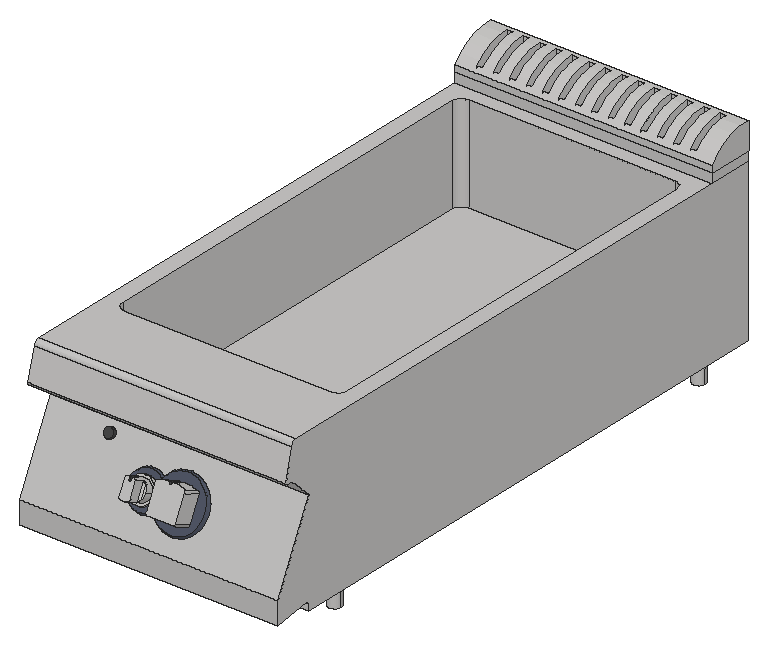
Revit family "QF_ZANUSSI_392109_Z9BMGDB000", category Specialty Equipment, Revit 2018
Family settings
  Round Connector Dimension = Use Diameter
  Part Type = Normal
  Work Plane-Based = No
  Always vertical = Yes
  Cut with Voids When Loaded = No
  Shared = No
  Room Calculation Point = No
Parameters
  Width = 400 mm  # constant formula
  Weight in Pounds = 32  # constant formula
  Weight = 0.00 kg
  Watts = 0 W
  Waste Water Discharge Temperature [instance] = -459.67 °F
  Volts = 0 V
  URL Manufacturer = "http://www.zanussiprofessional.com"
  URL Cutsheet = "www.electrolux.com"
  URL = "http://www.zanussiprofessional.com"
  Type Mark [instance] = ""
  Steam Supply Size = 0"
  Steam Supply Minimum Pressure = 0.00 psi
  Steam Supply Maximum Pressure = 0.00 psi
  Steam Pounds per Hour = 0
  Status [instance] = ""
  Specification by User [instance] = ""
  Specification by Manufacturer = ""
  Show Logo [instance] = yes
  Show Clearance [instance] = yes
  Serial Number = ""
  Seismic Rating = ""
  SMACNA No = ""
  Revision Code [instance] = ""
  Refrigeration Suction Line Size = 0"
  Refrigeration Liquid Line Size = 0"
  Refrigerant Compressor Remote = yes
  Plumbing Remarks [instance] = ""
  Plumbing Connection Type [instance] = ""
  Phase = 0
  Omniclass Number and Title = ""
  NAFEM Spec ID Number = ""
  Model = "Z9BMGDB000"
  Mechanical Remarks [instance] = ""
  Mechanical Connection Type [instance] = ""
  Masterspec = ""
  Manufacturer = "Zanussi"
  Length Actual = 400 mm  # constant formula
  Item Number [instance] = "392109"
  Installed By [instance] = ""
  Indirect Waste Size = 1 31/32"  # constant formula
  Indirect Waste Flow [instance] = 0 GPM
  Indirect Waste Connection Type [instance] = ""
  Indirect Waste Connection Height [instance] = 0 mm
  Identify Quantity as Lot [instance] = yes
  Hot Water Size = 0"
  Height Actual = 250 mm  # constant formula
  Height [instance] = 250 mm  # constant formula
  HP = "0 HP"
  Gas Size = 193/256"  # constant formula
  Gas RI Height [instance] = 0 mm
  Gas KW [instance] = 3  # constant formula
  Gas Input [instance] = 10227.0 Btu/h  # constant formula
  Gas Connection Height = 0 mm
  Furnished By [instance] = ""
  Foodservice Equipment Identifier [instance] = yes
  Direct Waste Size = 3/4"
  Description = "GAS BAIN-MARIE TOP 400 MM"
  Depth Actual = 900 mm  # constant formula
  Depth = 915 mm  # constant formula
  Cycle = 0 Hz
  Condensate Return Size = 0"
  Compressed Air Volume = 0 GPM
  Compressed Air Size = 0"
  Compressed Air Pressure = 0.00 psi
  Cold Water Size = 0"
  CSI MasterFormat = ""
  CSI Master Format = ""
  Accessory = yes
Reference planes
  plane 1 "BACK": y = 0
  plane 2: z = 0
  plane 3 "LEFT": x = 0
  plane 4 "RIGHT": x = 400
  plane 5 "FRONT": y = -915
  plane 6 "TOP": z = 274
  plane 7 "Center Y": x = 200
  plane 8 "Center X": y = -457.5
  plane 9: z = 24
  plane 10: x = 348
  plane 11: z = 331
  plane 12: x = 11
  plane 13: x = 389
  plane 14: y = -92.539
  plane 15: y = -777.539
  plane 16: x = 340
Forms (mm)
  Extrusion 1, solid, material "QF_Finishes_Stainless Steel"
    sketch origin (0, 0, 0) x (0, 1, 0) y (0, 0, 1)
      loop
        line (0, 24) -> (0, 274) -> (-879.358, 274)
        arc (-879.358, 274) -> (-884.643, 271.811) -> (-886.833, 266.526) r 7.474
        line (-886.833, 266.526) -> (-899.884, 221.011)
        arc (-899.884, 221.011) -> (-899.396, 218.379) -> (-897, 217.184) r 3
        line (-897, 217.184) -> (-886.802, 217.184) -> (-854.982, 185.364) -> (-915, 64.508) -> (-915, 29.508) -> (-858.645, 37.428)
        arc (-858.645, 37.428) -> (-856.101, 36.674) -> (-855, 34.259) r 3.2
        line (-855, 34.259) -> (-855, 24) -> (0, 24)
    from 0 to 400
  Extrusion 2, solid, material "QF_Finishes_Stainless Steel"
    sketch origin (0, 0, 0) x (1, 0, 0) y (0, 1, 0)
      loop
        circle (11, -82) r 9.525
      loop
        circle (11, -790) r 9.525
      loop
        circle (389, -82) r 9.525
      loop
        circle (389, -790) r 9.525
    from 0 to 24
  Extrusion 3, solid, material "QF_Finishes_Stainless Steel"
    sketch origin (0, 0, 0.362) x (0, 1, 0) y (0, 0, 1)
      loop
        line (0, 288.637) -> (0, 330.737)
        arc (0, 330.737) -> (-38.857, 323.552) -> (-69.85, 299.038) r 82.056
        line (-69.85, 299.038) -> (-69.85, 288.637) -> (0, 288.637)
    from 0 to 400.05
  Extrusion 4, void
    sketch origin (0, 0, 275) x (0, -1, 0) y (1, 0, 0)
      loop
        line (6.761, 29.703) -> (63.911, 29.703) -> (63.911, 38.999) -> (6.761, 38.999) -> (6.761, 29.703)
      loop
        line (63.911, 64.487) -> (6.761, 64.487) -> (6.761, 55.191) -> (63.911, 55.191) -> (63.911, 64.487)
      loop
        line (63.911, 89.975) -> (6.761, 89.975) -> (6.761, 80.68) -> (63.911, 80.68) -> (63.911, 89.975)
      loop
        line (63.911, 115.464) -> (6.761, 115.464) -> (6.761, 106.168) -> (63.911, 106.168) -> (63.911, 115.464)
      loop
        line (63.911, 140.952) -> (6.761, 140.952) -> (6.761, 131.656) -> (63.911, 131.656) -> (63.911, 140.952)
      loop
        line (63.911, 166.44) -> (6.761, 166.44) -> (6.761, 157.145) -> (63.911, 157.145) -> (63.911, 166.44)
      loop
        line (63.911, 191.929) -> (6.761, 191.929) -> (6.761, 182.633) -> (63.911, 182.633) -> (63.911, 191.929)
      loop
        line (63.911, 217.417) -> (6.761, 217.417) -> (6.761, 208.121) -> (63.911, 208.121) -> (63.911, 217.417)
      loop
        line (63.911, 242.905) -> (6.761, 242.905) -> (6.761, 233.61) -> (63.911, 233.61) -> (63.911, 242.905)
      loop
        line (63.911, 268.394) -> (6.761, 268.394) -> (6.761, 259.098) -> (63.911, 259.098) -> (63.911, 268.394)
      loop
        line (63.911, 293.882) -> (6.761, 293.882) -> (6.761, 284.586) -> (63.911, 284.586) -> (63.911, 293.882)
      loop
        line (63.911, 319.37) -> (6.761, 319.37) -> (6.761, 310.075) -> (63.911, 310.075) -> (63.911, 319.37)
      loop
        line (63.911, 344.859) -> (6.761, 344.859) -> (6.761, 335.563) -> (63.911, 335.563) -> (63.911, 344.859)
      loop
        line (63.911, 370.347) -> (6.761, 370.347) -> (6.761, 361.051) -> (63.911, 361.051) -> (63.911, 370.347)
    from 25.4 to 63.5
  Extrusion 5, solid, material "QF_Finishes_Stainless Steel"
    sketch origin (0, 0, 274) x (0, -1, 0) y (1, 0, 0)
      loop
        line (69.85, 0) -> (69.85, 400) -> (0, 400) -> (0, 0) -> (69.85, 0)
    from 0 to 15
  Extrusion 6, void
    sketch origin (0, 0, 274) x (0, -1, 0) y (1, 0, 0)
      loop
        arc (92.539, 40) -> (96.932, 29.393) -> (107.539, 25) r 15
        line (107.539, 25) -> (747.539, 25)
        arc (747.539, 25) -> (758.145, 29.393) -> (762.539, 40) r 15
        line (762.539, 40) -> (762.539, 360)
        arc (762.539, 360) -> (758.145, 370.607) -> (747.539, 375) r 15
        line (747.539, 375) -> (107.539, 375)
        arc (107.539, 375) -> (96.932, 370.607) -> (92.539, 360) r 15
        line (92.539, 360) -> (92.539, 40)
    from 0 to -150
  Extrusion 7, solid, material "QF_Finishes_Stainless Steel"
    sketch origin (0, -1, 24) x (-1, 0, 0) y (0, 1, 0)
      loop
        circle (-348, -625) r 9.525
    from 0 to 20
  Extrusion 8, solid, material "QF_Clearances", visible <- "Show Clearance", detail levels coarse
    sketch origin (0, 0, 0) x (1, 0, 0) y (0, 1, 0)
      loop
        line (0, 0) -> (400, 0) -> (400, -915) -> (550, -915) -> (550, 150) -> (-150, 150) -> (-150, -915) -> (0, -915) -> (0, 0)
    from 0 to 331
  Extrusion 9, solid, material "QF_Finishes_Stainless Steel"
    sketch origin (-10.353, -38.637, 24) x (-1, 0, 0) y (0, 1, 0)
      loop
        circle (-350.353, -224.363) r 25
    from 0 to 20
  Extrusion 10, solid, material "QF_Finishes_Black"
    sketch origin (0, -915, 64.975) x (0, 0.418102, 0.9084) y (-1, 0, 0)
      loop
        circle (117.556, -101.317) r 7.5
    from 0 to 4
  Blend 11, solid, material "QF_Finishes_Navy Blue"
    base sketch origin (226.502, -884.991, 124.936) x (1, 0, 0) y (0, 0.444781, 0.895639)
      loop
        arc (-35.05, -24.037) -> (42.5, 0) -> (-35.05, 24.037) r 42.5
        arc (-35.05, 24.037) -> (-83, 0) -> (-35.05, -24.037) r 30
    top sketch origin (226.502, -884.991, 124.936) x (1, 0, 0) y (0, 0.444781, 0.895639)
      loop
        arc (-34.578, -21.086) -> (40.5, 0) -> (-34.578, 21.086) r 40.5
        arc (-34.578, 21.086) -> (-81, 0) -> (-34.578, -21.086) r 28
    from 0 to 5
  Extrusion 12, solid, material "QF_Finishes_Stainless Steel"
    sketch origin (-5.998, -884.991, 124.936) x (1, 0, 0) y (0, 0.444781, 0.895639)
      loop
        circle (177.499, -0.341) r 20
    from 5 to 10
  Extrusion 13, solid, material "QF_Finishes_Stainless Steel"
    sketch origin (-5.998, -884.991, 124.936) x (1, 0, 0) y (0, 0.444781, 0.895639)
      loop
        arc (211.353, 22.789) -> (210.006, 21.685) -> (209.5, 20.019) r 2.997
        line (209.5, 20.019) -> (209.5, -20.019)
        arc (209.5, -20.019) -> (210.378, -22.138) -> (212.497, -23.016) r 2.997
        line (212.497, -23.016) -> (252.503, -23.016)
        arc (252.503, -23.016) -> (254.622, -22.138) -> (255.5, -20.019) r 2.997
        line (255.5, -20.019) -> (255.5, 20.019)
        arc (255.5, 20.019) -> (254.994, 21.685) -> (253.647, 22.789) r 2.997
        arc (253.647, 22.789) -> (232.5, 26.984) -> (211.353, 22.789) r 55.4
    from 5 to 34
  Extrusion 14, solid, material "QF_Finishes_Stainless Steel"
    sketch origin (-5.998, -884.991, 124.936) x (1, 0, 0) y (0, 0.444781, 0.895639)
      loop
        circle (177.499, -0.341) r 16
    from 10 to 40
  Extrusion 15, void
    sketch origin (226.502, -884.991, 124.936) x (1, 0, 0) y (0, -0.895639, 0.444781)
      loop
        line (-62.999, 24.837) -> (-62.999, 40) -> (-71.893, 40) -> (-71.893, 22) -> (-65.835, 22)
        arc (-65.835, 22) -> (-63.827, 22.828) -> (-62.999, 24.837) r 2.827
      loop
        arc (-47.003, 24.837) -> (-46.175, 22.828) -> (-44.167, 22) r 2.827
        line (-44.167, 22) -> (-38.109, 22) -> (-38.109, 40) -> (-47.003, 40) -> (-47.003, 24.837)
    from -20.019 to 20.019
  Extrusion 16, solid, material "QF_Plastic-Black-Matte"
    sketch origin (284.002, -884.991, 124.936) x (0, 0.444781, 0.895639) y (0, -0.895639, 0.444781)
      loop
        line (26.984, 34) -> (26.984, 19) -> (27.984, 19) -> (27.984, 34)
        arc (27.984, 34) -> (27.691, 34.707) -> (26.984, 35) r 1
        line (26.984, 35) -> (23.984, 35) -> (23.984, 34) -> (26.984, 34)
    from -58.5 to -56.5
  Extrusion 17, solid, material "QF_Plastic-Black-Matte"
    sketch origin (171.501, -1018.425, -143.756) x (0, -0.444781, -0.895639) y (0, -0.895639, 0.444781)
      loop
        line (-310.284, 39.984) -> (-310.284, 40.984) -> (-312.9, 40.984)
        arc (-312.9, 40.984) -> (-315.562, 39.882) -> (-316.664, 37.22) r 3.764
        line (-316.664, 37.22) -> (-316.664, 25.027) -> (-315.664, 25.027) -> (-315.664, 37.22)
        arc (-315.664, 37.22) -> (-314.855, 39.175) -> (-312.9, 39.984) r 2.764
        line (-312.9, 39.984) -> (-310.284, 39.984)
    from 1 to -1
Cuts and joins
  Extrusion 4 cuts Extrusion 3
  Extrusion 6 cuts Extrusion 1
  Extrusion 15 cuts Extrusion 14
Lines and regions (mm)
  Split face 1
    outline origin (226.502, -889.469, 127.16) x (1, 0, 0) y (0, 0.444781, 0.895639)
      loop
        circle (0, 33) r 1
  Split face 2
    outline origin (226.502, -889.469, 127.16) x (1, 0, 0) y (0, 0.444781, 0.895639)
      loop
        circle (-8.541, 31.876) r 1
  Split face 3
    outline origin (226.502, -889.469, 127.16) x (1, 0, 0) y (0, 0.444781, 0.895639)
      loop
        circle (-16.5, 28.579) r 1
  Split face 4
    outline origin (226.502, -889.469, 127.16) x (1, 0, 0) y (0, 0.444781, 0.895639)
      loop
        circle (-23.335, 23.335) r 1
  Split face 5
    outline origin (226.502, -889.469, 127.16) x (1, 0, 0) y (0, 0.444781, 0.895639)
      loop
        circle (-28.579, 16.5) r 1
  Split face 6
    outline origin (226.502, -889.469, 127.16) x (1, 0, 0) y (0, 0.444781, 0.895639)
      loop
        circle (-31.876, 8.541) r 1
  Split face 7
    outline origin (226.502, -889.469, 127.16) x (1, 0, 0) y (0, 0.444781, 0.895639)
      loop
        circle (-33, 0) r 1
  Split face 8
    outline origin (226.502, -889.469, 127.16) x (-1, 0, 0) y (0, 0.444781, 0.895639)
      loop
        circle (-8.541, 31.876) r 1
  Split face 9
    outline origin (226.502, -889.469, 127.16) x (-1, 0, 0) y (0, 0.444781, 0.895639)
      loop
        circle (-16.5, 28.579) r 1
  Split face 10
    outline origin (226.502, -889.469, 127.16) x (-1, 0, 0) y (0, 0.444781, 0.895639)
      loop
        circle (-23.335, 23.335) r 1
  Split face 11
    outline origin (226.502, -889.469, 127.16) x (-1, 0, 0) y (0, 0.444781, 0.895639)
      loop
        circle (-28.579, 16.5) r 1
  Split face 12
    outline origin (226.502, -889.469, 127.16) x (-1, 0, 0) y (0, 0.444781, 0.895639)
      loop
        circle (-31.876, 8.541) r 1
  Split face 13
    outline origin (226.502, -889.469, 127.16) x (1, 0, 0) y (0, -0.444781, -0.895639)
      loop
        circle (0, 33) r 1
  Split face 14
    outline origin (226.502, -889.469, 127.16) x (1, 0, 0) y (0, -0.444781, -0.895639)
      loop
        circle (-8.541, 31.876) r 1
  Split face 15
    outline origin (226.502, -889.469, 127.16) x (1, 0, 0) y (0, -0.444781, -0.895639)
      loop
        circle (-16.5, 28.579) r 1
  Split face 16
    outline origin (226.502, -889.469, 127.16) x (1, 0, 0) y (0, -0.444781, -0.895639)
      loop
        circle (-23.335, 23.335) r 1
  Split face 17
    outline origin (226.502, -889.469, 127.16) x (1, 0, 0) y (0, -0.444781, -0.895639)
      loop
        circle (-28.579, 16.5) r 1
  Split face 18
    outline origin (226.502, -889.469, 127.16) x (1, 0, 0) y (0, -0.444781, -0.895639)
      loop
        circle (-31.876, 8.541) r 1
  Split face 19
    outline origin (226.502, -889.469, 127.16) x (-1, 0, 0) y (0, -0.444781, -0.895639)
      loop
        circle (-8.541, 31.876) r 1
  Split face 20
    outline origin (226.502, -889.469, 127.16) x (-1, 0, 0) y (0, -0.444781, -0.895639)
      loop
        circle (-16.5, 28.579) r 1
  Split face 21
    outline origin (226.502, -889.469, 127.16) x (-1, 0, 0) y (0, -0.444781, -0.895639)
      loop
        circle (-23.335, 23.335) r 1
  Split face 22
    outline origin (226.502, -889.469, 127.16) x (-1, 0, 0) y (0, -0.444781, -0.895639)
      loop
        circle (-28.579, 16.5) r 1
  Split face 23
    outline origin (226.502, -889.469, 127.16) x (-1, 0, 0) y (0, -0.444781, -0.895639)
      loop
        circle (-31.876, 8.541) r 1
  Split face 24
    outline origin (226.502, -889.469, 127.16) x (1, 0, 0) y (0, 0.444781, 0.895639)
      loop
        circle (33, 0) r 1
  Split face 25
    outline origin (226.502, -889.469, 127.16) x (1, 0, 0) y (0, 0.444781, 0.895639)
      loop
        circle (-55.001, 22) r 1.508
  Split face 26
    outline origin (227.628, -885.216, 135.725) x (1, 0, 0) y (0, 0.444781, 0.895639)
      loop
        circle (-77.001, 0) r 1.343
  Split face 27
    outline origin (226.502, -889.469, 127.16) x (1, 0, 0) y (0, 0.444781, 0.895639)
      loop
        line (-56.273, -20.786) -> (-56.273, -25.164) -> (-53.729, -25.164) -> (-53.729, -20.786) -> (-56.273, -20.786)
  Split face 28
    outline origin (226.502, -889.469, 127.16) x (1, 0, 0) y (0, 0.444781, 0.895639)
      loop
        line (-70.261, 16.732) -> (-67.433, 19.559) -> (-71.077, 17.548) -> (-70.261, 16.732)
  symbolic lines, style "QF_Clearances", visible <- "Show Clearance", detail levels coarse
    curve 1: line (550, -915, 0) -> (550, 150, 0)
    curve 2: line (550, 150, 0) -> (-150, 150, 0)
    curve 3: line (-150, 150, 0) -> (-150, -915, 0)
  symbolic lines
    curve 4: line (400, -915, 0) -> (400, 0, 0)
    curve 5: line (400, 0, 0) -> (0, 0, 0)
    curve 6: line (0, 0, 0) -> (0, -915, 0)
    curve 7: line (38.999, -6.761, 0) -> (38.999, -63.911, 0)
    curve 8: line (38.999, -63.911, 0) -> (29.703, -63.911, 0)
    curve 9: line (29.703, -63.911, 0) -> (29.703, -6.761, 0)
    curve 10: line (29.703, -6.761, 0) -> (38.999, -6.761, 0)
    curve 11: line (55.191, -63.911, 0) -> (55.191, -6.761, 0)
    curve 12: line (55.191, -6.761, 0) -> (64.487, -6.761, 0)
    curve 13: line (64.487, -6.761, 0) -> (64.487, -63.911, 0)
    curve 14: line (64.487, -63.911, 0) -> (55.191, -63.911, 0)
    curve 15: line (89.975, -6.761, 0) -> (89.975, -63.911, 0)
    curve 16: line (89.975, -63.911, 0) -> (80.68, -63.911, 0)
    curve 17: line (80.68, -63.911, 0) -> (80.68, -6.761, 0)
    curve 18: line (80.68, -6.761, 0) -> (89.975, -6.761, 0)
    curve 19: line (115.464, -6.761, 0) -> (115.464, -63.911, 0)
    curve 20: line (115.464, -63.911, 0) -> (106.168, -63.911, 0)
    curve 21: line (106.168, -63.911, 0) -> (106.168, -6.761, 0)
    curve 22: line (106.168, -6.761, 0) -> (115.464, -6.761, 0)
    curve 23: line (140.952, -6.761, 0) -> (140.952, -63.911, 0)
    curve 24: line (140.952, -63.911, 0) -> (131.656, -63.911, 0)
    curve 25: line (131.656, -63.911, 0) -> (131.656, -6.761, 0)
    curve 26: line (131.656, -6.761, 0) -> (140.952, -6.761, 0)
    curve 27: line (166.44, -6.761, 0) -> (166.44, -63.911, 0)
    curve 28: line (166.44, -63.911, 0) -> (157.145, -63.911, 0)
    curve 29: line (157.145, -63.911, 0) -> (157.145, -6.761, 0)
    curve 30: line (157.145, -6.761, 0) -> (166.44, -6.761, 0)
    curve 31: line (191.929, -6.761, 0) -> (191.929, -63.911, 0)
    curve 32: line (191.929, -63.911, 0) -> (182.633, -63.911, 0)
    curve 33: line (182.633, -63.911, 0) -> (182.633, -6.761, 0)
    curve 34: line (182.633, -6.761, 0) -> (191.929, -6.761, 0)
    curve 35: line (208.121, -63.911, 0) -> (208.121, -6.761, 0)
    curve 36: line (208.121, -6.761, 0) -> (217.417, -6.761, 0)
    curve 37: line (217.417, -6.761, 0) -> (217.417, -63.911, 0)
    curve 38: line (217.417, -63.911, 0) -> (208.121, -63.911, 0)
    curve 39: line (361.001, -6.761, 0) -> (361.001, -63.911, 0)
    curve 40: line (361.001, -63.911, 0) -> (370.297, -63.911, 0)
    curve 41: line (370.297, -63.911, 0) -> (370.297, -6.761, 0)
    curve 42: line (370.297, -6.761, 0) -> (361.001, -6.761, 0)
    curve 43: line (344.809, -63.911, 0) -> (344.809, -6.761, 0)
    curve 44: line (344.809, -6.761, 0) -> (335.513, -6.761, 0)
    curve 45: line (335.513, -6.761, 0) -> (335.513, -63.911, 0)
    curve 46: line (335.513, -63.911, 0) -> (344.809, -63.911, 0)
    curve 47: line (310.025, -6.761, 0) -> (310.025, -63.911, 0)
    curve 48: line (310.025, -63.911, 0) -> (319.32, -63.911, 0)
    curve 49: line (319.32, -63.911, 0) -> (319.32, -6.761, 0)
    curve 50: line (319.32, -6.761, 0) -> (310.025, -6.761, 0)
    curve 51: line (284.536, -6.761, 0) -> (284.536, -63.911, 0)
    curve 52: line (284.536, -63.911, 0) -> (293.832, -63.911, 0)
    curve 53: line (293.832, -63.911, 0) -> (293.832, -6.761, 0)
    curve 54: line (293.832, -6.761, 0) -> (284.536, -6.761, 0)
    curve 55: line (259.048, -6.761, 0) -> (259.048, -63.911, 0)
    curve 56: line (259.048, -63.911, 0) -> (268.344, -63.911, 0)
    curve 57: line (268.344, -63.911, 0) -> (268.344, -6.761, 0)
    curve 58: line (268.344, -6.761, 0) -> (259.048, -6.761, 0)
    curve 59: line (233.56, -6.761, 0) -> (233.56, -63.911, 0)
    curve 60: line (233.56, -63.911, 0) -> (242.855, -63.911, 0)
    curve 61: line (242.855, -63.911, 0) -> (242.855, -6.761, 0)
    curve 62: line (242.855, -6.761, 0) -> (233.56, -6.761, 0)
    curve 63: line (25, -107.539, 0) -> (25, -762.539, 0)
    curve 64: arc (25, -762.539, 0) -> (29.393, -773.145, 0) -> (40, -777.539, 0) r 15
    curve 65: line (40, -777.539, 0) -> (360, -777.539, 0)
    curve 66: arc (360, -777.539, 0) -> (370.607, -773.145, 0) -> (375, -762.539, 0) r 15
    curve 67: line (375, -762.539, 0) -> (375, -107.539, 0)
    curve 68: arc (375, -107.539, 0) -> (370.607, -96.932, 0) -> (360, -92.539, 0) r 15
    curve 69: line (360, -92.539, 0) -> (40, -92.539, 0)
    curve 70: arc (40, -92.539, 0) -> (29.393, -96.932, 0) -> (25, -107.539, 0) r 15
    curve 71: line (0, -69.85, 0) -> (400, -69.85, 0)
    curve 72: line (203.502, -900, 0) -> (203.502, -924.347, 0)
    curve 73: arc (203.502, -924.347, 0) -> (203.649, -924.811, 0) -> (204.034, -925.107, 0) r 0.809
    curve 74: arc (204.034, -925.107, 0) -> (205.222, -925.587, 0) -> (206.5, -925.68, 0) r 4.127
    curve 75: arc (203.502, -904.292, 0) -> (198.461, -902.458, 0) -> (193.693, -900, 0) r 42.24
    curve 76: arc (203.502, -906.539, 0) -> (204.005, -905.818, 0) -> (204.802, -905.448, 0) r 1.682
    curve 77: arc (204.802, -905.448, 0) -> (215.104, -903.95, 0) -> (225.502, -903.441, 0) r 109.079
    curve 78: line (225.502, -900, 0) -> (225.502, -905.671, 0)
    curve 79: line (225.502, -905.671, 0) -> (227.502, -905.671, 0)
    curve 80: line (227.502, -905.671, 0) -> (227.502, -900, 0)
    curve 81: line (249.502, -900, 0) -> (249.502, -924.347, 0)
    curve 82: arc (249.502, -924.347, 0) -> (249.356, -924.811, 0) -> (248.97, -925.107, 0) r 0.809
    curve 83: arc (248.97, -925.107, 0) -> (247.783, -925.587, 0) -> (246.505, -925.68, 0) r 4.127
    curve 84: arc (249.502, -904.292, 0) -> (254.544, -902.458, 0) -> (259.312, -900, 0) r 42.24
    curve 85: arc (249.502, -906.539, 0) -> (249, -905.818, 0) -> (248.203, -905.448, 0) r 1.682
    curve 86: arc (248.203, -905.448, 0) -> (237.901, -903.95, 0) -> (227.502, -903.441, 0) r 109.079
    curve 87: line (206.5, -925.68, 0) -> (246.505, -925.68, 0)
    curve 88: line (163.504, -925.977, 908.9) -> (163.504, -901.224, 908.9)
    curve 89: line (179.499, -901.224, 908.9) -> (179.499, -925.977, 908.9)
    curve 90: spline (160.868, -910.164, 908.9) -> (159.379, -909.491, 908.9) -> (158.103, -908.737, 908.9) -> (157.063, -907.914, 908.9) -> (156.278, -907.037, 908.9) -> (155.76, -906.121, 908.9) -> (155.519, -905.183, 908.9) -> (155.56, -904.239, 908.9) -> (155.881, -903.306, 908.9) -> (156.476, -902.4, 908.9) -> (157.337, -901.537, 908.9) -> (158.446, -900.732, 908.9) -> (159.785, -900, 908.9)
    curve 91: spline (183.216, -900, 908.9) -> (184.56, -900.735, 908.9) -> (185.672, -901.543, 908.9) -> (186.534, -902.41, 908.9) -> (187.129, -903.319, 908.9) -> (187.448, -904.256, 908.9) -> (187.484, -905.204, 908.9) -> (187.237, -906.145, 908.9) -> (186.711, -907.063, 908.9) -> (185.916, -907.942, 908.9) -> (184.865, -908.766, 908.9) -> (183.578, -909.521, 908.9) -> (182.077, -910.193, 908.9)
    curve 92: spline (182.077, -910.193, 908.9) -> (181.796, -910.322, 908.9) -> (181.515, -910.487, 908.9) -> (181.237, -910.686, 908.9) -> (180.967, -910.917, 908.9) -> (180.709, -911.177, 908.9) -> (180.465, -911.461, 908.9) -> (180.24, -911.765, 908.9) -> (180.037, -912.085, 908.9) -> (179.86, -912.416, 908.9) -> (179.709, -912.754, 908.9) -> (179.588, -913.094, 908.9) -> (179.499, -913.43, 908.9)
    curve 93: spline (163.504, -913.341, 908.9) -> (163.431, -912.987, 908.9) -> (163.324, -912.634, 908.9) -> (163.183, -912.286, 908.9) -> (163.01, -911.949, 908.9) -> (162.808, -911.628, 908.9) -> (162.58, -911.327, 908.9) -> (162.329, -911.051, 908.9) -> (162.059, -910.803, 908.9) -> (161.773, -910.588, 908.9) -> (161.477, -910.408, 908.9) -> (161.173, -910.266, 908.9) -> (160.868, -910.164, 908.9)
    curve 94: line (155.501, -904.847, 908.9) -> (155.501, -900, 908.9)
    curve 95: line (187.504, -904.85, 908.9) -> (187.504, -900, 908.9)
    curve 96: arc (163.504, -925.977, 908.9) -> (171.501, -927.063, 908.9) -> (179.499, -925.977, 908.9) r 30
    curve 97: arc (163.504, -901.224, 0) -> (163.405, -900.567, 0) -> (163.058, -900, 0) r 1.677
    curve 98: arc (179.499, -901.224, 0) -> (179.598, -900.567, 0) -> (179.944, -900, 0) r 1.677
    curve 99: line (179.499, -915.129, 0) -> (203.502, -915.129, 0)
    curve 100: line (163.504, -915, 0) -> (0, -915, 0)
    curve 101: line (400, -900, 0) -> (0, -900, 0)
    curve 102: line (249.502, -915.129, 0) -> (400, -915.129, 0)
Dimensions and locks
  equal spacing: plane 3 "LEFT", plane 7 "Center Y", plane 4 "RIGHT"
  "Width": plane 3 "LEFT" to plane 4 "RIGHT"
  equal spacing: plane 5 "FRONT", plane 8 "Center X", plane 1 "BACK"
  "Depth": plane 5 "FRONT" to plane 1 "BACK"
  plane 9 to level = 24 mm  (x2)
  plane 10 to plane 4 "RIGHT" = 52 mm  (x3)
  plane 12 to plane 3 "LEFT" = 11 mm
  locked: plane 13 to plane 4 "RIGHT" at 11
  plane 1 "BACK" to plane 5 "FRONT" = 915 mm
  Extrusion 7 to plane 9 = 20 mm
  plane 1 "BACK" to Extrusion 7 = 626 mm
  plane 1 "BACK" to Extrusion 2 to Extrusion 2 to plane 5 "FRONT" = 82 mm, 708 mm, 125 mm
  plane 12 to plane 13 = 378 mm
  plane 1 "BACK" to curve 2 = 150 mm
  plane 4 "RIGHT" to curve 1 = 150 mm
  curve 3 to plane 3 "LEFT" = 150 mm
  plane 11 to plane 6 "TOP" = 57 mm
  Extrusion 9 sketch curve to plane 1 "BACK" = 263 mm
  Extrusion 9 sketch curve to plane 4 "RIGHT" = 60 mm
  Extrusion 7 sketch curve to plane 1 "BACK" = 626 mm
  Extrusion 7 sketch curve to plane 4 "RIGHT" = 52 mm
  Extrusion 7 to plane 1 "BACK" = 626 mm
  Extrusion 9 to plane 1 "BACK" = 263 mm
  plane 16 to plane 4 "RIGHT" = 60 mm
  "Height": plane 6 "TOP" to plane 9
  plane 6 "TOP" to plane 9 = 250 mm
  aligned and locked: level to plane 2
  aligned and locked: Extrusion 1 to plane 4 "RIGHT"
Automatic sketch dimensions
  Extrusion 2 sketch curve to plane 12 = 0 mm  (x2)
  Extrusion 2 sketch curve to plane 13 = 0 mm  (x2)
  Extrusion 2 sketch curve to plane 15 = 12.461 mm  (x2)
  plane 14 to Extrusion 2 sketch curve = 10.539 mm  (x2)
  Extrusion 3 sketch curve to plane 1 "BACK" = 0 mm
  plane 1 "BACK" to Extrusion 3 sketch curve = 4.947 mm
  plane 14 to Extrusion 3 sketch curve = 22.689 mm
  Extrusion 3 sketch curve to plane 6 "TOP" = 24.807 mm
  plane 1 "BACK" to Extrusion 4 sketch curve = 6.761 mm  (x14)
  plane 14 to Extrusion 4 sketch curve = 28.628 mm
  Extrusion 4 sketch curve to plane 7 "Center Y" = 8.071 mm
  Extrusion 4 sketch curve to Extrusion 4 sketch curve = 0 mm  (x13)
  plane 10 to Extrusion 4 sketch curve = 3.141 mm
  Extrusion 4 sketch curve to Extrusion 4 sketch curve = 9.296 mm  (x14)
  Extrusion 4 sketch curve to Extrusion 4 sketch curve = 16.193 mm  (x10)
  plane 7 "Center Y" to Extrusion 4 sketch curve = 8.121 mm
  Extrusion 4 sketch curve to plane 10 = 13.051 mm
  plane 6 "TOP" to Extrusion 3 sketch curve = 15 mm
  Extrusion 3 sketch curve to Extrusion 3 sketch curve = 10.4 mm
  Extrusion 6 sketch curve to Extrusion 6 sketch curve = 15 mm  (x4)
  plane 5 "FRONT" to Extrusion 8 sketch curve = 0 mm  (x2)
  Extrusion 8 sketch curve to plane 3 "LEFT" = 0 mm
  Extrusion 8 sketch curve to plane 4 "RIGHT" = 0 mm
  plane 1 "BACK" to Extrusion 8 sketch curve = 0 mm
  Extrusion 8 sketch curve to plane 3 "LEFT" = 150 mm
  Extrusion 8 sketch curve to plane 4 "RIGHT" = 150 mm
  Extrusion 8 sketch curve to plane 1 "BACK" = 150 mm
  plane 12 to Extrusion 10 sketch curve = 90.317 mm
  Extrusion 1 sketch curve to plane 6 "TOP" = 0 mm
  Extrusion 1 sketch curve to plane 9 = 0 mm
  plane 9 to Extrusion 1 sketch curve = 5.508 mm
  plane 5 "FRONT" to Extrusion 1 sketch curve = 0 mm
  Extrusion 1 sketch curve to plane 6 "TOP" = 52.989 mm
  Extrusion 1 sketch curve to Extrusion 1 sketch curve = 15.116 mm
  Extrusion 1 sketch curve to Extrusion 1 sketch curve = 2.884 mm
  Extrusion 1 sketch curve to plane 6 "TOP" = 7.474 mm
  Extrusion 1 sketch curve to Extrusion 1 sketch curve = 13.051 mm
  Extrusion 1 sketch curve to Extrusion 1 sketch curve = 10.198 mm
  plane 9 to Extrusion 1 sketch curve = 13.428 mm
  Extrusion 1 sketch curve to Extrusion 1 sketch curve = 56.355 mm
  Extrusion 1 sketch curve to Extrusion 1 sketch curve = 0.445 mm
  Extrusion 1 sketch curve to Extrusion 1 sketch curve = 3.2 mm
  Extrusion 1 sketch curve to Extrusion 1 sketch curve = 31.82 mm
  plane 14 to Extrusion 1 sketch curve = 92.539 mm
  Extrusion 1 sketch curve to Extrusion 1 sketch curve = 35 mm
  Extrusion 1 sketch curve to Extrusion 1 sketch curve = 35.647 mm
  Extrusion 1 sketch curve to Extrusion 1 sketch curve = 3.827 mm
  plane 1 "BACK" to Extrusion 5 sketch curve = 0 mm
  Extrusion 5 sketch curve to plane 3 "LEFT" = 0 mm
  Extrusion 5 sketch curve to plane 4 "RIGHT" = 0 mm
  plane 14 to Extrusion 5 sketch curve = 22.689 mm
  Extrusion 6 sketch curve to plane 14 = 0 mm
  plane 15 to Extrusion 6 sketch curve = 30 mm
  plane 13 to Extrusion 6 sketch curve = 14 mm
  plane 12 to Extrusion 6 sketch curve = 29 mm
  plane 12 to Blend 11 sketch curve = 162.502 mm  (x2)
  Blend 11 sketch curve to Blend 11 sketch curve = 53 mm  (x2)
  Blend 11 sketch curve to Blend 11 sketch curve = 0 mm  (x2)
  Blend 11 sketch curve to Blend 11 sketch curve = 17.95 mm
  Blend 11 sketch curve to Blend 11 sketch curve = 24.037 mm
  Blend 11 sketch curve to Blend 11 sketch curve = 18.422 mm
  Blend 11 sketch curve to Blend 11 sketch curve = 21.086 mm
  plane 12 to Extrusion 12 sketch curve = 160.501 mm
  plane 12 to Extrusion 13 sketch curve = 192.502 mm
  Extrusion 13 sketch curve to Extrusion 13 sketch curve = 2.997 mm  (x3)
  Extrusion 13 sketch curve to Extrusion 13 sketch curve = 20.003 mm  (x2)
  Extrusion 13 sketch curve to Extrusion 13 sketch curve = 40.005 mm
  Extrusion 13 sketch curve to Extrusion 13 sketch curve = 5.399 mm
  Extrusion 13 sketch curve to Extrusion 13 sketch curve = 40.037 mm
  Extrusion 13 sketch curve to Extrusion 13 sketch curve = 0 mm  (x2)
  Split face 27 sketch curve to Split face 27 sketch curve = 2.545 mm
  Split face 27 sketch curve to Split face 27 sketch curve = 4.379 mm
  Split face 28 sketch curve to Split face 28 sketch curve = 0.816 mm  (x2)
  Split face 28 sketch curve to Split face 28 sketch curve = 2.828 mm
  plane 12 to Extrusion 14 sketch curve = 160.501 mm
  plane 12 to Extrusion 15 sketch curve = 143.609 mm
  Extrusion 15 sketch curve to Extrusion 15 sketch curve = 6.058 mm
  Extrusion 15 sketch curve to Extrusion 15 sketch curve = 0.01 mm  (x2)
  Extrusion 15 sketch curve to Extrusion 15 sketch curve = 8.895 mm  (x2)
  Extrusion 15 sketch curve to Extrusion 15 sketch curve = 15.995 mm
  Extrusion 15 sketch curve to Extrusion 15 sketch curve = 2.827 mm  (x3)
  Extrusion 15 sketch curve to Extrusion 15 sketch curve = 0 mm
  Extrusion 15 sketch curve to Extrusion 15 sketch curve = 15.163 mm
  Extrusion 15 sketch curve to Extrusion 15 sketch curve = 15.173 mm
  Extrusion 16 sketch curve to plane 5 "FRONT" = 9.329 mm
  plane 9 to Extrusion 16 sketch curve = 137.984 mm
  Extrusion 16 sketch curve to Extrusion 16 sketch curve = 3 mm
  Extrusion 16 sketch curve to Extrusion 16 sketch curve = 0 mm  (x2)
  Extrusion 16 sketch curve to Extrusion 16 sketch curve = 1 mm
  Extrusion 16 sketch curve to Extrusion 16 sketch curve = 15 mm
  Extrusion 17 sketch curve to Extrusion 17 sketch curve = 0 mm  (x2)
  plane 9 to Extrusion 17 sketch curve = 126.993 mm
  Extrusion 17 sketch curve to plane 5 "FRONT" = 15.005 mm
  Extrusion 17 sketch curve to Extrusion 17 sketch curve = 1 mm
  Extrusion 17 sketch curve to Extrusion 17 sketch curve = 2.764 mm
  Extrusion 17 sketch curve to Extrusion 17 sketch curve = 2.616 mm
  Extrusion 17 sketch curve to Extrusion 17 sketch curve = 12.193 mm
  plane 4 "RIGHT" to curve 96 = 228.499 mm
  curve 96 to plane 5 "FRONT" = 17.937 mm
  curve 91 to curve 96 = 0.001 mm
  curve 89 to curve 91 = 7.996 mm
  curve 92 to curve 92 = 2.259 mm
  curve 91 to curve 92 = 0.319 mm
  curve 91 to curve 89 = 3.717 mm
  curve 92 to curve 91 = 1.423 mm
  curve 95 to curve 91 = 4.288 mm
  curve 91 to curve 90 = 0.001 mm
  curve 93 to curve 93 = 0.865 mm
  curve 93 to curve 93 = 2.495 mm
  curve 93 to curve 90 = 0.141 mm
  curve 88 to curve 90 = 3.718 mm
  curve 90 to curve 91 = 4.284 mm
  curve 91 to curve 90 = 0 mm
  curve 96 to curve 91 = 2.937 mm
  curve 96 to curve 90 = 2.937 mm
  curve 91 to curve 95 = 0 mm
  curve 94 to curve 90 = 0 mm
  curve 91 to curve 89 = 1.224 mm
  curve 90 to curve 88 = 1.224 mm
  curve 94 to curve 94 = 4.847 mm
  curve 96 to curve 90 = 7.784 mm
  curve 94 to curve 91 = 0.003 mm
  curve 95 to curve 95 = 4.85 mm
  curve 91 to curve 92 = 0.047 mm
  curve 93 to curve 93 = 2.86 mm
  curve 93 to curve 88 = 10.261 mm
  plane 1 "BACK" to curve 5 = 0 mm
  curve 101 to plane 3 "LEFT" = 0 mm
  curve 70 to plane 14 = 0 mm
  curve 65 to plane 15 = 0 mm
  curve 5 to plane 4 "RIGHT" = 0 mm
  curve 102 to plane 4 "RIGHT" = 0 mm
  plane 5 "FRONT" to curve 6 = 0 mm
  plane 5 "FRONT" to curve 3 = 0 mm
  plane 5 "FRONT" to curve 4 = 0 mm
  plane 5 "FRONT" to curve 1 = 0 mm
  plane 12 to curve 63 = 14 mm
  plane 1 "BACK" to curve 9 = 6.761 mm
  plane 12 to curve 9 = 18.703 mm
  curve 8 to curve 8 = 9.296 mm
  curve 70 to curve 70 = 15 mm
  plane 15 to curve 64 = 15 mm
  curve 7 to curve 14 = 16.193 mm
  curve 11 to curve 13 = 9.296 mm
  plane 1 "BACK" to curve 18 = 6.761 mm
  curve 12 to curve 18 = 16.193 mm
  curve 16 to curve 16 = 9.296 mm
  plane 1 "BACK" to curve 21 = 6.761 mm
  curve 15 to curve 21 = 16.193 mm
  curve 20 to curve 20 = 9.296 mm
  plane 1 "BACK" to curve 25 = 6.761 mm
  curve 19 to curve 25 = 16.193 mm
  curve 24 to curve 23 = 9.296 mm
  plane 1 "BACK" to curve 29 = 6.761 mm
  curve 23 to curve 29 = 16.193 mm
  curve 97 to plane 7 "Center Y" = 38.171 mm
  curve 29 to curve 27 = 9.296 mm
  curve 98 to plane 7 "Center Y" = 18.827 mm
  curve 27 to curve 33 = 16.193 mm
  curve 32 to plane 7 "Center Y" = 8.071 mm
  plane 7 "Center Y" to curve 72 = 3.502 mm
  curve 72 to curve 73 = 0.809 mm
  curve 76 to curve 76 = 1.583 mm
  curve 73 to curve 74 = 1.846 mm
  curve 73 to curve 87 = 2.189 mm
  plane 7 "Center Y" to curve 35 = 8.121 mm
  plane 7 "Center Y" to curve 75 = 15.395 mm
  curve 35 to curve 38 = 9.296 mm
  curve 76 to curve 78 = 20.417 mm
  plane 7 "Center Y" to curve 77 = 25.634 mm
  curve 77 to curve 86 = 1.738 mm
  curve 78 to curve 79 = 2 mm
  curve 37 to curve 60 = 16.143 mm
  curve 75 to curve 84 = 22.215 mm
  curve 59 to curve 60 = 9.296 mm
  curve 79 to curve 87 = 19.003 mm
  curve 87 to curve 83 = 0.343 mm
  curve 83 to curve 85 = 1.071 mm
  curve 87 to curve 82 = 2.189 mm
  curve 82 to curve 81 = 0.809 mm
  curve 60 to curve 56 = 16.193 mm
  curve 55 to curve 56 = 9.296 mm
  plane 1 "BACK" to curve 51 = 6.761 mm
  curve 57 to curve 51 = 16.193 mm
  curve 51 to curve 53 = 9.296 mm
  curve 52 to curve 47 = 16.193 mm
  curve 47 to curve 50 = 9.296 mm
  plane 16 to curve 45 = 4.487 mm
  plane 10 to curve 44 = 3.191 mm
  curve 69 to plane 10 = 12 mm
  curve 66 to plane 10 = 12 mm
  curve 39 to plane 10 = 13.001 mm
  curve 39 to curve 41 = 9.296 mm
  plane 13 to curve 67 = 14 mm
  curve 75 to curve 84 = 0 mm
  curve 97 to curve 75 = 37.379 mm
  curve 97 to curve 98 = 0 mm
  curve 76 to curve 78 = 1.435 mm
  curve 85 to curve 79 = 1.435 mm
  curve 83 to curve 85 = 14.462 mm
  curve 74 to curve 76 = 14.462 mm
  curve 72 to curve 74 = 2.779 mm
  curve 82 to curve 83 = 2.779 mm
  curve 87 to curve 73 = 1.333 mm
  curve 77 to curve 74 = 86.839 mm
  curve 77 to curve 86 = 0 mm  (x2)
  plane 14 to curve 43 = 28.628 mm
  plane 14 to curve 17 = 28.628 mm
  curve 15 to curve 19 = 0 mm
  curve 47 to curve 45 = 0 mm
  curve 19 to curve 23 = 0 mm
  curve 51 to curve 47 = 0 mm
  plane 14 to curve 31 = 28.628 mm
  curve 27 to curve 32 = 0 mm
  curve 55 to curve 51 = 0 mm
  curve 43 to curve 41 = 0 mm
  curve 59 to curve 55 = 0 mm
  curve 14 to curve 16 = 0 mm
  curve 31 to curve 38 = 0 mm
  curve 9 to curve 11 = 0 mm
  plane 1 "BACK" to curve 62 = 6.761 mm
  plane 1 "BACK" to curve 58 = 6.761 mm
  plane 1 "BACK" to curve 31 = 6.761 mm
  plane 1 "BACK" to curve 50 = 6.761 mm
  plane 1 "BACK" to curve 45 = 6.761 mm
  plane 1 "BACK" to curve 42 = 6.761 mm
  plane 1 "BACK" to curve 37 = 6.761 mm
  plane 1 "BACK" to curve 13 = 6.761 mm
  curve 97 to curve 97 = 1.229 mm
  curve 97 to curve 100 = 1.675 mm
  curve 97 to curve 97 = 0.445 mm
  curve 99 to curve 98 = 1.675 mm
  curve 98 to curve 98 = 1.675 mm
  curve 98 to curve 98 = 0.445 mm
  curve 75 to plane 7 "Center Y" = 6.307 mm
  curve 76 to curve 76 = 0.284 mm
  curve 85 to curve 85 = 0.284 mm
  curve 81 to curve 84 = 9.809 mm
  curve 85 to curve 84 = 7.106 mm
  curve 79 to curve 86 = 2.23 mm
  curve 100 to curve 97 = 13.776 mm
  curve 99 to curve 98 = 13.906 mm
  curve 83 to curve 102 = 6.438 mm
  plane 14 to curve 71 = 22.689 mm
  plane 5 "FRONT" to curve 83 = 6.567 mm
  radius of Extrusion 2 sketch curve = 9.525 mm  (x4)
  radius of Extrusion 7 sketch curve = 9.525 mm
  radius of Extrusion 9 sketch curve = 25 mm
  radius of Extrusion 10 sketch curve = 7.5 mm
  radius of Extrusion 12 sketch curve = 20 mm
  radius of Split face 1 sketch curve = 1 mm
  radius of Split face 2 sketch curve = 1 mm
  radius of Split face 3 sketch curve = 1 mm
  radius of Split face 4 sketch curve = 1 mm
  radius of Split face 5 sketch curve = 1 mm
  radius of Split face 6 sketch curve = 1 mm
  radius of Split face 7 sketch curve = 1 mm
  radius of Split face 8 sketch curve = 1 mm
  radius of Split face 9 sketch curve = 1 mm
  radius of Split face 10 sketch curve = 1 mm
  radius of Split face 11 sketch curve = 1 mm
  radius of Split face 12 sketch curve = 1 mm
  radius of Split face 13 sketch curve = 1 mm
  radius of Split face 14 sketch curve = 1 mm
  radius of Split face 15 sketch curve = 1 mm
  radius of Split face 16 sketch curve = 1 mm
  radius of Split face 17 sketch curve = 1 mm
  radius of Split face 18 sketch curve = 1 mm
  radius of Split face 19 sketch curve = 1 mm
  radius of Split face 20 sketch curve = 1 mm
  radius of Split face 21 sketch curve = 1 mm
  radius of Split face 22 sketch curve = 1 mm
  radius of Split face 23 sketch curve = 1 mm
  radius of Split face 24 sketch curve = 1 mm
  radius of Split face 25 sketch curve = 1.508 mm
  radius of Split face 26 sketch curve = 1.343 mm
  radius of Extrusion 14 sketch curve = 16 mm
Connectors
  piping at (348, -626, 4), diameter 19
    settings: on Extrusion 7, index 1, connector inside diameter 0.74803", connector length 0 mm, flow factor 0, pipe flow 0 GPM, pressure drop 0.00 psi, fitting loss kfactor 0, connector angle 0.00°, fixture units 0, engagement length 0 mm, angle of deflection 0.00°, flow configuration 1, flow direction 1, fitting loss method 0, system type 7, joint type 0, gender type 0, connector reference index -1, connector utility 0, adjustable connector no, is connector primary yes, connector description "GAS CONNECTION"
  piping at (340, -263, 4), diameter 50
    settings: on Extrusion 9, index 2, connector inside diameter 1.9685", connector length 0 mm, flow factor 0, pipe flow 0 GPM, pressure drop 0.00 psi, fitting loss kfactor 0, connector angle 0.00°, fixture units 0, engagement length 0 mm, angle of deflection 0.00°, flow configuration 1, flow direction 2, fitting loss method 0, system type 16, joint type 0, gender type 0, connector reference index -1, connector utility 0, adjustable connector no, is connector primary no, connector description "DRAIN"
